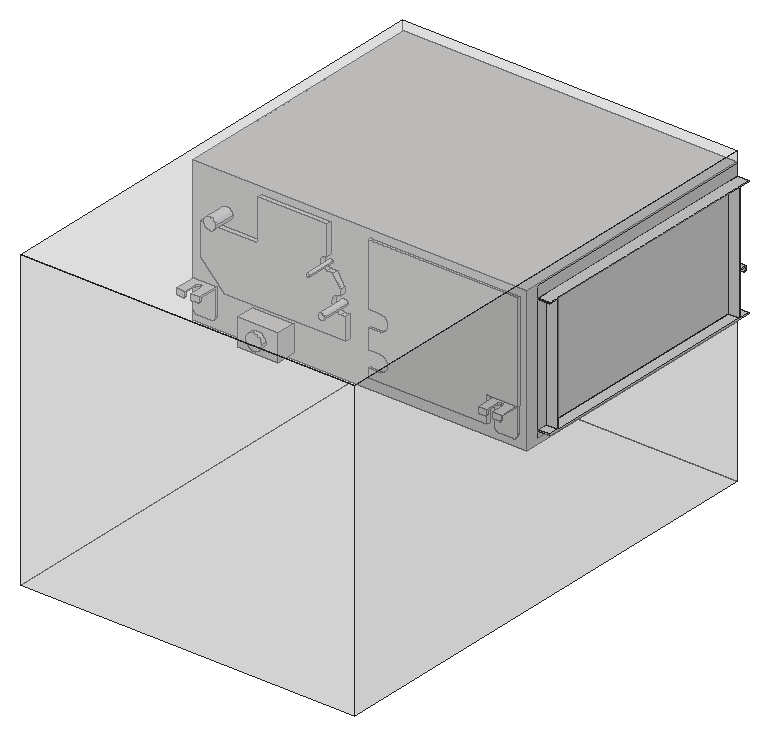
Revit family "outputfile", category 機械設備, Revit 2024
Family settings
  丸型コネクタ寸法 = 半径を使用
  パーツ タイプ = 標準
  OmniClass 番号 = 23.75.10.24.21.27.27
  OmniClass タイトル = Split System Air Conditioning Units
  作業面ベース = いいえ
  常に垂直 = はい
  ロード時にボイドで切り取り = いいえ
  注釈の向きを維持 = いいえ
  共有 = いいえ
  部屋計算ポイント = はい
Parameters (values of type "FXMQ20PAVE")
  Description = ""
  製造元 = "Daikin"
  書き出し IFC クラス(タイプ) = "IfcUnitaryEquipmentType"
  定義済み IFC タイプ(タイプ) = "AIRCONDITIONINGUNIT"
  Cost = 0
  モデル = "FXMQ20PAVE"
  Type Comments = ""
  Keynote = ""
  Type Image = (empty or 0)
  Assembly Code = ""
  r_Liquid Pipe Size = Liquid Pipe Size / 2  # 3.2 mm
  r_Gas Pipe Size = Gas Pipe Size / 2  # 6.35 mm
  r_Drain Pipe Size = Drain Pipe Size / 2  # 12.5 mm
  lw_power = 396.0 mm  # constant formula
  lh_SA = 165.0 mm  # constant formula
  lw_SA = if(Depth = 550.0 mm, 210.0 mm, if(Depth = 700.0 mm, 285.0 mm, if(Depth = 1000.0 mm, 435.0 mm, 635.0 mm)))  # 210.0 mm
  lw_RA = if(Depth = 550.0 mm, 288.0 mm, if(Depth = 700.0 mm, 363.0 mm, if(Depth = 1000.0 mm, 513.0 mm, 713.0 mm)))  # 288.0 mm
  lh_power = 60.0 mm + [h***]  # 60.0 mm
  lh_mountinghole1 = lh_mountinghole + [h***]  # 80.0 mm
  lh_RA = 150.0 mm  # constant formula
  ld_power = Depth / 2  # 275.0 mm
  Voltage_comment_60Hz = "220"
  Voltage_comment_50Hz = "220-240"
  Voltage_60Hz = 220 V
  Voltage_50Hz = 220 V
  URL = ""
  Supply Air Direction [instance] = yes
  Sound Power Level_H speed (dB) = 51
  Phase_60Hz = 1
  Phase_50Hz = 1
  Minimum External Static Pressure = 30.00 Pa
  Minimum Circuit Amps_60Hz = 0.6 A
  Minimum Circuit Amps_50Hz = 0.6 A
  Maximum Fuse Amps_60Hz = 16.0 A
  Maximum Fuse Amps_50Hz = 16.0 A
  Maximum External Static Pressure = 100.00 Pa
  Material_Casing = DAIKIN_GalvanizedSteel_Casing_indoorunit
  lw_mountinghole = 631.0 mm  # constant formula
  lh_gaspipe = 144.0 mm + [h***]  # 144.0 mm
  lh_mountinghole = 80.0 mm  # constant formula
  lh_liquidpipe = 212.0 mm + [h***]  # 212.0 mm
  lh_drainpipe = 232.0 mm + [h***]  # 232.0 mm
  lh_antena = Height - lh_mountinghole + 1.0 mm  # 221.0 mm
  ld_drainpipe = Depth / 2 + 54.0 mm  # 329.0 mm
  ld_liquidpipe = 335.0 mm
  ld_gaspipe = 335.0 mm
  ld_mountinghole = Depth + 38.0 mm  # 588.0 mm
  h*** = 0.0 mm  # constant formula
  lw_liquidpipe = 290.0 mm  # constant formula
  lw_gaspipe = 318.0 mm  # constant formula
  lw_drainpipe = 80.0 mm  # constant formula
  Width = 700.0 mm
  Version = "ver.1.0"
  Unit Type = "Middle-High Static Pressure Duct Type"
  Unit Mass Weight = 25.00 kg
  Unit Designation [instance] = ""
  Uniclass2015Version = "Products v1.30"
  Uniclass2015Title = "Variable refrigerant flow units"
  Uniclass2015Code = "Pr_70_65_03_94"
  Total Heating Capacity [instance] = 0.000 kW
  Total Cooling Capacity [instance] = 0.000 kW
  Sound Pressure Level_M speed (dBA) = 0
  Sound Pressure Level_L speed (dBA) = 29
  Sound Pressure Level_H speed (dBA) = 33
  Series = "VRV Fan Coil Unit"
  Sensible Cooling Capacity [instance] = 0.000 kW
  SA Duct Size Width = if(Depth = 550.0 mm, 310.0 mm, if(Depth = 700.0 mm, 460.0 mm, if(Depth = 1000.0 mm, 760.0 mm, 1160.0 mm)))  # 310.0 mm
  SA Duct Size Height = 215.0 mm
  Refrigerant Type = "R410A"
  RA Duct Size Width = if(Depth = 550.0 mm, 475.0 mm, if(Depth = 700.0 mm, 625.0 mm, if(Depth = 1000.0 mm, 925.0 mm, 1325.0 mm)))  # 475.0 mm
  RA Duct Size Height = 247.0 mm
  Power Input (Heating) = 0.069 kW
  Power Input (Cooling) = 0.081 kW
  Option Accessory 3 [instance] = ""
  Option Accessory 2 [instance] = ""
  Option Accessory 1 [instance] = ""
  Nominal Heating Capacity = 2.500 kW
  Nominal Cooling Capacity = 2.200 kW
  Minimum Airflow = 390.00 m³/h
  Median Airflow = 450.00 m³/h
  Maximum Airflow = 540.00 m³/h
  Load Classification = HVAC
  Liquid Pipe Size = 6.4 mm
  Link_Nested Family [instance] = ""
  IfcVersion = "0"
  IfcExportType = "AIRCONDITIONINGUNIT"
  IfcExportAs = "IfcUnitaryEquipmentType"
  Height = 300.0 mm
  Heating Entering Wet Bulb Temperature [instance] = 0.00 °C
  Heating Entering Dry Bulb Temperature [instance] = 0.00 °C
  Heating Ambient Wet Bulb Temperature [instance] = 0.00 °C
  Heating Ambient Dry Bulb Temperature [instance] = 0.00 °C
  Heat Exchanger Type = "Cross Fin Coil"
  Gas Pipe Size = 12.7 mm
  Frequency_60Hz = 60 Hz
  Frequency_50Hz = 50 Hz
  Fan Type = "Sirocco Fan"
  Fan Drive = "Direct Drive"
  FCU Tag No. [instance] = ""
  Drain Pipe Size = 25.0 mm
  Design Supply Airflow [instance] = 0.00 m³/h
  Design Return Airflow [instance] = 0.00 m³/h
  Design External Static Pressure [instance] = 0.00 Pa
  Depth = 550.0 mm
  既定の高さ = 0.0 mm
  Cooling Entering Wet Bulb Temperature [instance] = 0.00 °C
  Cooling Entering Dry Bulb Temperature [instance] = 0.00 °C
  Cooling Ambient Wet Bulb Temperature [instance] = 0.00 °C
  Cooling Ambient Dry Bulb Temperature [instance] = 0.00 °C
  Clearance visibility [instance] = yes
  Clearance Top = 20.0 mm
  Clearance Right = 0.0 mm
  Clearance Rear = 0.0 mm
  Clearance Left = 0.0 mm
  Clearance Front = 450.0 mm
  Clearance Bottom = 300.0 mm
Reference planes
  plane 1 "Center (Front/Back)": y = 0
  plane 2 "h": z = 0
  plane 3 "Center (Left/Right)": x = 0
  plane 4 "Back": y = 275
  plane 5 "Front": y = -275
  plane 6 "Left": x = -350
  plane 7 "Reight": x = 350
  plane 8 "Top": z = 0
  plane 9 "Bottom": z = -300
  plane 10: y = -215
  plane 11: y = 275
  plane 12: y = -725
  plane 13: x = -350
  plane 14: x = 350
  plane 15: z = 20
  plane 16: z = -600
  plane 17: x = -350
  plane 18: z = -135
  plane 19: x = -349
  plane 20: x = 349
  plane 21: y = 65
  plane 22: y = 13
  plane 23: z = -150
  plane 24: y = -285.8
  plane 25: z = -14
  plane 26: z = -219
  plane 27: x = -324
  plane 28: x = -60
  plane 29: x = -20
  plane 30: z = -156
  plane 31: x = -32
  plane 32: z = -88
  plane 33: x = 23
  plane 34: x = 335
  plane 35: z = -15.8
  plane 36: z = -274.8
  plane 37: z = -219.8
  plane 38: x = 271
  plane 39: x = -223.3
  plane 40: x = -138.3
  plane 41: z = -232.7
  plane 42: z = -288.5
  plane 43: y = -316
  plane 44: x = -181
  plane 45: z = -260
  plane 46: y = -326
  plane 47: z = -163.8
  plane 48: z = -239.8
  plane 49: x = 46
  plane 50: z = -88
  plane 51: x = -60
  plane 52: y = -335
  plane 53: z = -156
  plane 54: x = -32
  plane 55: y = -329
  plane 56: z = -68
  plane 57: x = -270
  plane 58: x = -270
  plane 59: x = -60
  plane 60: x = -32
  plane 61: x = 46
  plane 62: x = -323
  plane 63: x = 308
  plane 64: y = -294
  plane 65: y = 294
  plane 66: z = -220
  plane 67: y = -281
  plane 68: x = -204
  plane 69: z = -100.2
  plane 70: x = -374
  plane 71: x = 374
Forms (mm)
  Extrusion 1, solid, material "DAIKIN_GalvanizedSteel_Casing_indoorunit" <- "Material_Casing"
    sketch origin (0, 0, 0) x (1, 0, 0) y (0, 1, 0)
      loop
        line (-349, 275) -> (-349, -275) -> (349, -275) -> (349, 275) -> (-349, 275)
    from -300 to 0
  Extrusion 2, solid, material "DAIKIN_GalvanizedSteel_Casing_indoorunit" <- "Material_Casing"
    sketch origin (0, 0, 0) x (1, 0, 0) y (0, 0, 1)
      loop
        line (-324, -100.2) -> (-324, -168) -> (-273, -219) -> (-20, -219) -> (-20, -173.5) -> (-32, -173.5)
        arc (-32, -173.5) -> (-49.5, -156) -> (-32, -138.5) r 17.5
        line (-32, -138.5) -> (-32, -127.5) -> (-47, -101) -> (-60, -101)
        arc (-60, -101) -> (-73, -88) -> (-60, -75) r 13
        line (-60, -75) -> (-60, -14) -> (-204, -14) -> (-204, -100.2) -> (-324, -100.2)
    from 275 to 285.8
  Extrusion 3, solid, material "DAIKIN_GalvanizedSteel_Casing_indoorunit" <- "Material_Casing"
    sketch origin (0, 0, 0) x (1, 0, 0) y (0, 0, 1)
      loop
        line (23, -274.8) -> (271, -274.8) -> (271, -219.8) -> (335, -219.8) -> (335, -15.8) -> (23, -15.8) -> (23, -146.3) -> (46, -146.3)
        arc (46, -146.3) -> (63.5, -163.8) -> (46, -181.3) r 17.5
        line (46, -181.3) -> (23, -181.3) -> (23, -222.3) -> (46, -222.3)
        arc (46, -222.3) -> (63.5, -239.8) -> (46, -257.3) r 17.5
        line (46, -257.3) -> (23, -257.3) -> (23, -274.8)
    from 275 to 281
  Extrusion 4, solid, material "DAIKIN_GalvanizedSteel_Casing_indoorunit" <- "Material_Casing"
    sketch origin (0, 0, 0) x (1, 0, 0) y (0, 0, 1)
      loop
        line (-223.3, -232.7) -> (-223.3, -288.5) -> (-138.3, -288.5) -> (-138.3, -232.7) -> (-223.3, -232.7)
    from 275 to 316
  Extrusion 5, solid, material "DAIKIN_GalvanizedSteel_Casing_indoorunit" <- "Material_Casing"
    sketch origin (0, 0, 0) x (1, 0, 0) y (0, 0, 1)
      loop
        circle (-181, -260) r 16.5
    from 316 to 326
  Extrusion 6, solid
    sketch origin (0, 0, 0) x (1, 0, 0) y (0, 0, 1)
      loop
        circle (-60, -88) r 3.2
    from 275 to 335
  Extrusion 7, solid
    sketch origin (0, 0, 0) x (1, 0, 0) y (0, 0, 1)
      loop
        circle (-32, -156) r 6.35
    from 275 to 335
  Extrusion 8, solid
    sketch origin (0, 0, 0) x (1, 0, 0) y (0, 0, 1)
      loop
        circle (-270, -68) r 12.5
    from 285.8 to 329
Dimensions and locks
  "Height": plane 8 "Top" to plane 9 "Bottom"
  equal spacing: plane 4 "Back", plane 1 "Center (Front/Back)", plane 5 "Front"
  "Depth": plane 4 "Back" to plane 5 "Front"
  equal spacing: plane 6 "Left", plane 3 "Center (Left/Right)", plane 7 "Reight"
  "Width": plane 6 "Left" to plane 7 "Reight"
  "Clearance Left": plane 13 to plane 6 "Left"
  "Clearance Right": plane 7 "Reight" to plane 14
  "Clearance Rear": plane 11 to plane 4 "Back"
  "Clearance Front": plane 5 "Front" to plane 12
  "Clearance Top": plane 15 to plane 8 "Top"
  "Clearance Bottom": plane 9 "Bottom" to plane 16
  "lh_SA": plane 18 to plane 9 "Bottom"
  locked: plane 17 to plane 19 at 1
  locked: plane 20 to plane 14 at 1
  "lw_SA": plane 11 to plane 21
  "lw_RA": plane 22 to plane 5 "Front"
  "lh_RA": plane 23 to plane 9 "Bottom"
  locked: plane 5 "Front" to plane 24 at 10.8
  plane 29 to plane 28 to plane 27 to plane 6 "Left" = 40.0 mm, 264.0 mm, 26.0 mm
  locked: plane 31 to plane 6 "Left" at 318
  plane 34 to plane 33 to plane 6 "Left" = 312.0 mm locked, 373.0 mm locked
  locked: plane 34 to plane 38 at 64
  locked: plane 37 to plane 36 at 55
  plane 40 to plane 39 to plane 6 "Left" = 85.0 mm locked, 126.7 mm locked
  locked: plane 5 "Front" to plane 43 at 41
  locked: plane 44 to plane 6 "Left" at 169
  locked: plane 43 to plane 46 at 10
  plane 47 to plane 48 to plane 36 = 76.0 mm locked, 35.0 mm locked
  locked: plane 49 to plane 33 at 23
  "lw_liquidpipe": plane 51 to plane 6 "Left"
  "lh_liquidpipe": plane 50 to plane 9 "Bottom"
  "lh_gaspipe": plane 53 to plane 9 "Bottom"
  "lw_gaspipe": plane 54 to plane 6 "Left"
  "ld_gaspipe": plane 52 to plane 1 "Center (Front/Back)"
  "ld_drainpipe": plane 55 to plane 1 "Center (Front/Back)"
  "lh_drainpipe": plane 56 to plane 9 "Bottom"
  "lw_drainpipe": plane 57 to plane 6 "Left"
  "lw_drainpipe": plane 6 "Left" to plane 58
  "lw_liquidpipe": plane 6 "Left" to plane 59
  "lw_gaspipe": plane 6 "Left" to plane 60
  "lw_power": plane 6 "Left" to plane 61
  plane 17 to plane 62 = 27.0 mm
  "lw_mountinghole": plane 62 to plane 63
  equal spacing: plane 64, plane 1 "Center (Front/Back)", plane 65
  "ld_mountinghole": plane 65 to plane 64
  "lh_mountinghole": plane 66 to plane 9 "Bottom"
  plane 8 "Top" to plane 41 to plane 42 = 232.7 mm locked, 55.8 mm locked
  locked: plane 8 "Top" to plane 45 at 260
  plane 8 "Top" to plane 25 to plane 26 = 14.0 mm locked, 205.0 mm locked
  plane 8 "Top" to plane 32 to plane 30 = 88.0 mm locked, 68.0 mm locked
  plane 8 "Top" to plane 35 to plane 36 = 15.8 mm locked, 259.0 mm locked
  locked: plane 5 "Front" to plane 67 at 6
  locked: plane 25 to plane 69 at 86.2
  locked: plane 27 to plane 68 at 120
  locked: plane 70 to plane 6 "Left" at 24
  locked: plane 14 to plane 71 at 24
  "r_Liquid Pipe Size": radius of Extrusion 6 sketch curve
  "r_Gas Pipe Size": radius of Extrusion 7 sketch curve
  "r_Drain Pipe Size": radius of Extrusion 8 sketch curve
  aligned and locked: level to plane 2 "h"
  aligned and locked: plane 8 "Top" to Extrusion 1
  aligned and locked: Extrusion 1 to plane 9 "Bottom"
  aligned and locked: nested 5 to plane 12
  aligned and locked: plane 13 to nested 5
  aligned and locked: plane 14 to nested 5
  aligned and locked: nested 5 to plane 13
  aligned and locked: plane 11 to nested 5
  aligned and locked: plane 15 to nested 5
  aligned and locked: plane 16 to nested 5
  aligned and locked: plane 5 "Front" to Extrusion 1 sketch curve
  aligned and locked: Extrusion 1 to plane 19
  aligned and locked: plane 20 to Extrusion 1
  aligned and locked: nested 7 to plane 19
  aligned and locked: nested 7 to plane 21
  aligned and locked: plane 18 to nested 7
  aligned and locked: plane 20 to nested 8
  aligned and locked: plane 22 to nested 8
  aligned and locked: plane 23 to nested 8
  aligned and locked: Extrusion 2 to plane 24
  aligned and locked: plane 5 "Front" to Extrusion 2
  aligned and locked: plane 36 to Extrusion 3 sketch curve
  aligned and locked: plane 38 to Extrusion 3 sketch curve
  aligned and locked: plane 37 to Extrusion 3 sketch curve
  aligned and locked: Extrusion 3 sketch curve to plane 34
  aligned and locked: Extrusion 3 sketch curve to plane 35
  aligned and locked: Extrusion 3 sketch curve to plane 33
  aligned and locked: plane 5 "Front" to Extrusion 3
  aligned and locked: Extrusion 4 sketch curve to plane 41
  aligned and locked: Extrusion 4 sketch curve to plane 39
  aligned and locked: plane 42 to Extrusion 4 sketch curve
  aligned and locked: plane 40 to Extrusion 4 sketch curve
  aligned and locked: Extrusion 4 to plane 43
  aligned and locked: plane 5 "Front" to Extrusion 4
  aligned and locked: Extrusion 5 sketch curve to plane 44
  aligned and locked: plane 45 to Extrusion 5 sketch curve
  aligned and locked: Extrusion 5 to plane 46
  aligned and locked: plane 43 to Extrusion 5
  aligned and locked: Extrusion 6 sketch curve to plane 51
  aligned and locked: plane 50 to Extrusion 6 sketch curve
  aligned and locked: Extrusion 6 to plane 52
  aligned and locked: plane 5 "Front" to Extrusion 6
  aligned and locked: Extrusion 7 sketch curve to plane 54
  aligned and locked: plane 53 to Extrusion 7 sketch curve
  aligned and locked: Extrusion 7 to Extrusion 6
  aligned and locked: plane 5 "Front" to Extrusion 7
  aligned and locked: Extrusion 8 sketch curve to plane 57
  aligned and locked: plane 56 to Extrusion 8 sketch curve
  aligned and locked: Extrusion 8 to plane 55
  aligned and locked: plane 24 to Extrusion 8
  aligned and locked: nested 3 to plane 55
  aligned and locked: plane 58 to nested 3
  aligned and locked: nested 2 to plane 59
  aligned and locked: nested 2 to plane 52
  aligned and locked: nested 1 to plane 60
  aligned and locked: Extrusion 7 to plane 52
  aligned and locked: nested 1 to plane 52
  aligned and locked: nested 6 to plane 5 "Front"
  aligned and locked: plane 61 to nested 6
  aligned and locked: plane 62 to nested 10
  aligned and locked: nested 10 to plane 5 "Front"
  aligned and locked: plane 63 to nested 9
  aligned and locked: nested 9 to plane 5 "Front"
  aligned and locked: nested 11 to plane 62
  aligned and locked: plane 4 "Back" to nested 11
  aligned and locked: nested 12 to plane 63
  aligned and locked: plane 4 "Back" to nested 12
  aligned and locked: plane 66 to nested 10
  aligned and locked: plane 66 to nested 11
  aligned and locked: plane 66 to nested 9
  aligned and locked: plane 66 to nested 12
  aligned and locked: plane 62 to nested 14
  aligned and locked: nested 14 to plane 65
  aligned and locked: plane 63 to nested 13
  aligned and locked: nested 13 to plane 65
  aligned and locked: plane 63 to nested 16
  aligned and locked: plane 64 to nested 16
  aligned and locked: plane 64 to nested 15
  aligned and locked: plane 62 to nested 15
  aligned and locked: Extrusion 3 to plane 67
  aligned and locked: Extrusion 2 sketch curve to plane 68
  aligned and locked: plane 69 to Extrusion 2 sketch curve
  aligned and locked: nested 17 to plane 21
  aligned and locked: nested 17 to plane 70
  aligned and locked: plane 18 to nested 17
  aligned and locked: plane 22 to nested 18
  aligned and locked: plane 71 to nested 18
  aligned and locked: nested 18 to plane 23
  aligned and locked: nested 4 to plane 3 "Center (Left/Right)"
  aligned and locked: plane 1 "Center (Front/Back)" to nested 4
  aligned and locked: level to plane 8 "Top"
Automatic sketch dimensions
  plane 6 "Left" to Extrusion 1 sketch curve = 1.0 mm
  Extrusion 1 sketch curve to plane 7 "Reight" = 1.0 mm
  Extrusion 1 sketch curve to plane 4 "Back" = 0.0 mm
  Extrusion 3 sketch curve to plane 33 = 0.0 mm  (x2)
  Extrusion 3 sketch curve to plane 47 = 0.0 mm
  Extrusion 3 sketch curve to plane 49 = 0.0 mm  (x4)
  Extrusion 3 sketch curve to plane 48 = 0.0 mm
  Extrusion 3 sketch curve to plane 37 = 2.5 mm
  plane 23 to Extrusion 3 sketch curve = 3.7 mm
  plane 27 to Extrusion 2 sketch curve = 0.0 mm
  Extrusion 2 sketch curve to plane 26 = 0.0 mm
  Extrusion 2 sketch curve to plane 28 = 0.0 mm
  Extrusion 2 sketch curve to plane 31 = 0.0 mm
  Extrusion 2 sketch curve to plane 29 = 0.0 mm
  Extrusion 2 sketch curve to plane 30 = 0.0 mm
  Extrusion 2 sketch curve to plane 32 = 0.0 mm
  Extrusion 2 sketch curve to plane 25 = 0.0 mm
  Extrusion 2 sketch curve to Extrusion 2 sketch curve = 13.0 mm
  Extrusion 2 sketch curve to Extrusion 2 sketch curve = 17.5 mm
  plane 18 to Extrusion 2 sketch curve = 7.5 mm
  Extrusion 2 sketch curve to plane 58 = 3.0 mm
  Extrusion 2 sketch curve to plane 30 = 12.0 mm
  Extrusion 2 sketch curve to Extrusion 2 sketch curve = 0.8 mm
  radius of Extrusion 5 sketch curve = 16.5 mm
Nested families
  nested 1: "daikin_connector_rotate2" at (-32, 0, -156), length <- "ld_gaspipe", built-in parameter 1001364 <- "lh_gaspipe", radius <- "r_Gas Pipe Size", type "daikin_connector_rotate2"
    with radius 6.35 mm, length 335.0 mm, angle_vertical 90.00°
  nested 2: "daikin_connector_rotate2" at (-60, 0, -88), length <- "ld_liquidpipe", built-in parameter 1001364 <- "lh_liquidpipe", radius <- "r_Liquid Pipe Size", type "daikin_connector_rotate2"
    with radius 3.2 mm, length 335.0 mm, angle_vertical 90.00°
  nested 3: "daikin_connector_rotate2" at (-270, 0, -68), length <- "ld_drainpipe", built-in parameter 1001364 <- "lh_drainpipe", radius <- "r_Drain Pipe Size", type "daikin_connector_rotate2"
    with radius 12.5 mm, length 329.0 mm, angle_vertical 90.00°
  nested 4: "daikin_△_symbolicline" at (0, 0, 300) x (0, -1, 0) z (0, 0, 1), built-in parameter 1001364 <- "Height", visible <- "Supply Air Direction", type "daikin_△_symbolicline"
    with length 200.0 mm
  nested 5: "daikin_clearancespace" at (0, -225, -289.881), visible <- "Clearance visibility", show <- "Clearance visibility", Link_Nested Family <- "Link_Nested Family", type "daikin_clearancespace"
    with width 700.0 mm, show yes, height 620.0 mm, depth 1000.0 mm, Link_Nested Family ""
  nested 6: "daikin_connector_rotate2" at (46, 0, -240), built-in parameter 1001364 <- "lh_power", length <- "ld_power", type "daikin_connector_rotate2"
    with radius 10.0 mm, length 275.0 mm, angle_vertical 90.00°
  nested 7: "daikin_ductflange_FXMQ-PAVE2" at (-349, 65, -135) x (0, -1, 0) z (0, 0, 1), type "daikin_ductflange_FXMQ-PAVE2"
  nested 8: "daikin_ductflange_FXMQ-PAVE" at (349, 13, -150) x (0, 1, 0) z (0, 0, 1), type "daikin_ductflange_FXMQ-PAVE"
  nested 9: "daikin_hangerfixture_FXMQ-PAVE" at (308, -275, -220), type "daikin_hangerfixture_FXMQ-PAVE"
  nested 10: "daikin_hangerfixture_FXMQ-PAVE" at (-323, -275, -220), type "daikin_hangerfixture_FXMQ-PAVE"
  nested 11: "daikin_hangerfixture_FXMQ-PAVE" at (-323, 275, -220) x (-1, 0, 0) z (0, 0, 1), type "daikin_hangerfixture_FXMQ-PAVE"
  nested 12: "daikin_hangerfixture_FXMQ-PAVE" at (308, 275, -220) x (-1, 0, 0) z (0, 0, 1), type "daikin_hangerfixture_FXMQ-PAVE"
  nested 13: "daikin_mountinghole" at (308, 294, -300), h_mountinghole <- "lh_mountinghole1", l_antenna <- "lh_antena", Link_Nested Family <- "Link_Nested Family", type "daikin_mountinghole"
    with show yes, l_antenna 221.0 mm, h_mountinghole 80.0 mm, Link_Nested Family ""
  nested 14: "daikin_mountinghole" at (-323, 294, -300), h_mountinghole <- "lh_mountinghole1", l_antenna <- "lh_antena", Link_Nested Family <- "Link_Nested Family", type "daikin_mountinghole"
    with show yes, l_antenna 221.0 mm, h_mountinghole 80.0 mm, Link_Nested Family ""
  nested 15: "daikin_mountinghole" at (-323, -294, -300), h_mountinghole <- "lh_mountinghole1", l_antenna <- "lh_antena", Link_Nested Family <- "Link_Nested Family", type "daikin_mountinghole"
    with show yes, l_antenna 221.0 mm, h_mountinghole 80.0 mm, Link_Nested Family ""
  nested 16: "daikin_mountinghole" at (308, -294, -300), h_mountinghole <- "lh_mountinghole1", l_antenna <- "lh_antena", Link_Nested Family <- "Link_Nested Family", type "daikin_mountinghole"
    with show yes, l_antenna 221.0 mm, h_mountinghole 80.0 mm, Link_Nested Family ""
  nested 17: "daikin_connector_rotate2" at (-350, 65, -135) x (0, -1, 0) z (0, 0, 1), type "daikin_connector_rotate2"
    with radius 10.0 mm, length 24.0 mm, angle_vertical 90.00°
  nested 18: "daikin_connector_rotate2" at (350, 13, -150) x (0, 1, 0) z (0, 0, 1), type "daikin_connector_rotate2"
    with radius 10.0 mm, length 24.0 mm, angle_vertical 90.00°
Connectors
  piping at (-270, -329, -68), diameter 25, driven by "r_Drain Pipe Size"
    settings: on nested 3, index 3, connector inside diameter 609.6 mm, connector length 0.0 mm, flow factor 0, pipe flow 0.00 m³/h, pressure drop 0.0 Pa, fitting loss kfactor 0, connector angle 0.00°, fixture units 0, engagement length 0.0 mm, angle of deflection 0.00°, flow configuration 1, flow direction 2, fitting loss method 4, system type 16, joint type 0, gender type 0, connector reference index -1, connector utility 0, adjustable connector no, is connector primary yes, connector description "Condensate Drain Piping"
  piping at (-32, -335, -156), diameter 12.7, driven by "r_Gas Pipe Size"
    settings: on nested 1, index 4, connector inside diameter 609.6 mm, connector length 0.0 mm, flow factor 0, pipe flow 0.00 m³/h, pressure drop 0.0 Pa, fitting loss kfactor 0, connector angle 0.00°, fixture units 0, engagement length 0.0 mm, angle of deflection 0.00°, flow configuration 1, flow direction 2, fitting loss method 0, system type 29, joint type 0, gender type 0, connector reference index -1, connector utility 0, adjustable connector no, is connector primary no, connector description "Refrigerant Gas Piping"
  piping at (-60, -335, -88), diameter 6.4, driven by "r_Liquid Pipe Size"
    settings: on nested 2, index 5, connector inside diameter 609.6 mm, connector length 0.0 mm, flow factor 0, pipe flow 0.00 m³/h, pressure drop 0.0 Pa, fitting loss kfactor 0, connector angle 0.00°, fixture units 0, engagement length 0.0 mm, angle of deflection 0.00°, flow configuration 1, flow direction 1, fitting loss method 0, system type 29, joint type 0, gender type 0, connector reference index -1, connector utility 0, adjustable connector no, is connector primary no, connector description "Refrigerant Liquid Piping"
  electrical at (46, -275, -240), driven by "Load Classification"
    settings: on nested 6, index 6, voltage 0 V, apparent load 0 VA, apparent load phase1 0 VA, apparent load phase2 0 VA, apparent load phase3 0 VA, power factor 1, load classification "HVAC", number of poles 1, system type 30, power factor state 1, is connector primary yes, connector utility no, sub classification motor no, connector description "Power Supply"
  hvac at (-374, 65, -135), driven by "SA Duct Size Height", driven by "SA Duct Size Width"
    settings: on nested 17, index 7, duct flow 0.00 m³/h, flow factor 0, pres drop 0.00 Pa, loss coef 0, conn angle 0.00°, conn width 310.0 mm, conn height 215.0 mm, conn diameter 609.6 mm, duct sys type 1, conn prof type 1, flow config 0, flow direction 2, loss method 4, conn ref index -1, conn util no, is conn primary yes, conn desc "SA Duct"
  hvac at (374, 13, -150), driven by "RA Duct Size Height", driven by "RA Duct Size Width"
    settings: on nested 18, index 8, duct flow 0.00 m³/h, flow factor 0, pres drop 0.00 Pa, loss coef 0, conn angle 0.00°, conn width 475.0 mm, conn height 247.0 mm, conn diameter 609.6 mm, duct sys type 2, conn prof type 1, flow config 0, flow direction 1, loss method 4, conn ref index -1, conn util no, is conn primary no, conn desc "RA Duct"
Definition of nested family "daikin_clearancespace"
  Parameters (values of type "daikin_clearancespace")
    width [instance] = 1823.963 mm
    show [instance] = yes
    material = none
    height [instance] = 1359.762 mm
    depth [instance] = 880.0 mm
    Default Elevation = 0.0 mm
    Link_Nested Family [instance] = ""
  Reference planes
    plane 1 "Center (Front/Back)": y = 0
    plane 2 "Center (Elevation)": z = -0.119
    plane 3 "Center (Left/Right)": x = 0
    plane 4: y = 440
    plane 5: y = -440
    plane 6 "Right": x = 911.982
    plane 7 "Left": x = -911.982
    plane 8 "Top": z = 679.762
    plane 9 "Bottom": z = -680
  Forms (mm)
    Extrusion 1, solid, material <- "material", visible <- "show"
      sketch origin (0, 0, 0) x (1, 0, 0) y (0, 1, 0)
        loop
          line (-911.982, 440) -> (-911.982, -440) -> (911.982, -440) -> (911.982, 440) -> (-911.982, 440)
      from -680 to 679.762
  Lines and regions (mm)
    symbolic lines, visible <- "show"
      curve 1: line (911.982, 440, 0) -> (-911.982, 440, 0)
      curve 2: line (-911.982, 440, 0) -> (-911.982, -440, 0)
      curve 3: line (-911.982, -440, 0) -> (911.982, -440, 0)
      curve 4: line (911.982, -440, 0) -> (911.982, 440, 0)
      curve 5: line (911.982, 0, 679.762) -> (-911.982, 0, 679.762)
      curve 6: line (911.982, 0, -680) -> (911.982, 0, 679.762)
      curve 7: line (-911.982, 0, -680) -> (911.982, 0, -680)
      curve 8: line (-911.982, 0, 679.762) -> (-911.982, 0, -680)
      curve 9: line (0, 440, 679.762) -> (0, -440, 679.762)
      curve 10: line (0, -440, 679.762) -> (0, -440, -680)
      curve 11: line (0, 440, -680) -> (0, 440, 679.762)
      curve 12: line (0, -440, -680) -> (0, 440, -680)
  Dimensions and locks
    "width": plane 7 "Left" to plane 6 "Right"
    "depth": plane 4 to plane 5
    "height": plane 8 "Top" to plane 9 "Bottom"
    equal spacing: plane 7 "Left", plane 3 "Center (Left/Right)", plane 6 "Right"
    equal spacing: plane 4, plane 1 "Center (Front/Back)", plane 5
    equal spacing: plane 8 "Top", plane 2 "Center (Elevation)", plane 9 "Bottom"
    aligned and locked: level to plane 2 "Center (Elevation)"
    aligned and locked: Extrusion 1 sketch curve to plane 4
    aligned and locked: plane 7 "Left" to Extrusion 1 sketch curve
    aligned and locked: Extrusion 1 sketch curve to plane 5
    aligned and locked: Extrusion 1 sketch curve to plane 6 "Right"
    aligned and locked: plane 8 "Top" to Extrusion 1
    aligned and locked: curve 1 to Extrusion 1
    aligned and locked: curve 2 to Extrusion 1
    aligned and locked: curve 3 to Extrusion 1
    aligned and locked: curve 4 to Extrusion 1
    aligned and locked: curve 5 to Extrusion 1
    aligned and locked: curve 6 to Extrusion 1
    aligned and locked: curve 7 to Extrusion 1
    aligned and locked: curve 8 to Extrusion 1
    aligned and locked: curve 9 to Extrusion 1
    aligned and locked: curve 10 to Extrusion 1
    aligned and locked: curve 11 to Extrusion 1
    aligned and locked: curve 12 to Extrusion 1
    aligned and locked: Extrusion 1 to plane 9 "Bottom"
Definition of nested family "daikin_ductflange_FXMQ-PAVE2"
  Parameters (values of type "daikin_ductflange_FXDSQ-AVM2")
    width = if(w = 550.0 mm, 310.0 mm, if(w = 700.0 mm, 460.0 mm, if(w = 1000.0 mm, 760.0 mm, 1160.0 mm)))  # 310.0 mm
    material = none
    height = 215.0 mm
    depth = 1.0 mm
    w = 550.0 mm
    Default Elevation = 0.0 mm
  Reference planes
    plane 1 "Center (Front/Back)": y = 0
    plane 2: z = 0
    plane 3 "Center (Left/Right)": x = 0
    plane 4: z = 107.5
    plane 5: z = -107.5
    plane 6: y = -25
    plane 7: z = 132.5
    plane 8: z = 108.5
    plane 9: y = -1
    plane 10: x = -177.5
    plane 11: x = 177.5
    plane 12: z = -132.5
    plane 13: z = -108.5
    plane 14: y = -1
    plane 15: x = 155
    plane 16: x = -155
    plane 17: x = 156
    plane 18: z = 106.5
    plane 19: z = -106.5
    plane 20: x = -156
    plane 21: z = 106.5
    plane 22: z = -106.5
    plane 23: y = -1
  Forms (mm)
    Extrusion 1, solid, material <- "material"
      sketch origin (0, 0, 0) x (0, 1, 0) y (0, 0, 1)
        loop
          line (-25, 107.5) -> (0, 107.5) -> (0, 132.5) -> (-1, 132.5) -> (-1, 108.5) -> (-25, 108.5) -> (-25, 107.5)
      from -177.5 to 177.5
    Extrusion 2, solid, material <- "material"
      sketch origin (0, 0, 0) x (0, 1, 0) y (0, 0, 1)
        loop
          line (-25, -107.5) -> (-25, -108.5) -> (-1, -108.5) -> (-1, -132.5) -> (0, -132.5) -> (0, -107.5) -> (-25, -107.5)
      from -177.5 to 177.5
    Extrusion 3, solid, material <- "material"
      sketch origin (0, 0, 0) x (1, 0, 0) y (0, 0, 1)
        loop
          line (155, 107.5) -> (155, -107.5) -> (177.5, -107.5) -> (177.5, -106.5) -> (156, -106.5) -> (156, 106.5) -> (177.5, 106.5) -> (177.5, 107.5) -> (155, 107.5)
      from 0 to 25
    Extrusion 4, solid, material <- "material"
      sketch origin (0, 0, 0) x (1, 0, 0) y (0, 0, 1)
        loop
          line (-177.5, 107.5) -> (-177.5, 106.5) -> (-156, 106.5) -> (-156, -106.5) -> (-177.5, -106.5) -> (-177.5, -107.5) -> (-155, -107.5) -> (-155, 107.5) -> (-177.5, 107.5)
      from 0 to 25
    Extrusion 5, solid, material <- "material"
      sketch origin (0, 0, 0) x (1, 0, 0) y (0, 0, 1)
        loop
          line (-177.5, 107.5) -> (-177.5, -107.5) -> (-155, -107.5) -> (-155, 107.5) -> (-177.5, 107.5)
        loop
          line (177.5, 107.5) -> (155, 107.5) -> (155, -107.5) -> (177.5, -107.5) -> (177.5, 107.5)
      from 0 to 1
  Cuts and joins
    joined: Extrusion 1, Extrusion 2, Extrusion 3, Extrusion 4, Extrusion 5
  Dimensions and locks
    plane 4 to level to plane 5 = 107.5 mm locked, 107.5 mm locked
    locked: plane 6 to plane 1 "Center (Front/Back)" at 25
    locked: plane 9 to plane 1 "Center (Front/Back)" at 1
    locked: plane 8 to plane 4 at 1
    locked: plane 11 to plane 15 at 22.5
    locked: plane 16 to plane 10 at 22.5
    locked: plane 17 to plane 15 at 1
    locked: plane 4 to plane 18 at 1
    locked: plane 19 to plane 5 at 1
    "width": plane 15 to plane 16
    plane 4 to plane 5 = 215.0 mm
    equal spacing: plane 15, plane 3 "Center (Left/Right)", plane 16
    locked: plane 16 to plane 20 at 1
    locked: plane 4 to plane 21 at 1
    locked: plane 22 to plane 5 at 1
    locked: plane 23 to plane 1 "Center (Front/Back)" at 1
    aligned and locked: level to plane 2
    aligned and locked: Extrusion 1 to plane 10
    aligned and locked: plane 11 to Extrusion 1
    aligned and locked: plane 5 to Extrusion 2
    aligned and locked: Extrusion 2 to plane 1 "Center (Front/Back)"
    aligned and locked: plane 15 to Extrusion 3 sketch curve
    aligned and locked: Extrusion 3 sketch curve to Extrusion 2  (x2)
    aligned and locked: Extrusion 3 sketch curve to plane 11
    aligned and locked: plane 6 to Extrusion 3
    aligned and locked: Extrusion 2 to plane 10
    aligned and locked: plane 11 to Extrusion 2
    aligned and locked: Extrusion 4 sketch curve to Extrusion 1  (x2)
    aligned and locked: plane 5 to Extrusion 4 sketch curve
    aligned and locked: Extrusion 4 sketch curve to plane 16
    aligned and locked: Extrusion 4 sketch curve to plane 22
    aligned and locked: plane 20 to Extrusion 4 sketch curve
    aligned and locked: plane 21 to Extrusion 4 sketch curve
    aligned and locked: Extrusion 4 to plane 1 "Center (Front/Back)"
    aligned and locked: plane 6 to Extrusion 4
    aligned and locked: Extrusion 5 sketch curve to Extrusion 1  (x4)
    aligned and locked: Extrusion 5 sketch curve to Extrusion 4  (x2)
    aligned and locked: Extrusion 5 sketch curve to Extrusion 3  (x2)
    aligned and locked: Extrusion 5 to plane 1 "Center (Front/Back)"
    aligned and locked: plane 23 to Extrusion 5
  Automatic sketch dimensions
    Extrusion 1 sketch curve to plane 6 = 0.0 mm
    Extrusion 1 sketch curve to plane 7 = 0.0 mm
    Extrusion 1 sketch curve to plane 9 = 0.0 mm
    Extrusion 1 sketch curve to plane 1 "Center (Front/Back)" = 0.0 mm
    Extrusion 1 sketch curve to plane 4 = 0.0 mm
    Extrusion 1 sketch curve to plane 8 = 0.0 mm
    Extrusion 2 sketch curve to plane 6 = 0.0 mm
    plane 12 to Extrusion 2 sketch curve = 0.0 mm
    Extrusion 2 sketch curve to plane 14 = 0.0 mm
    Extrusion 2 sketch curve to plane 1 "Center (Front/Back)" = 0.0 mm
    plane 13 to Extrusion 2 sketch curve = 0.0 mm
    Extrusion 2 sketch curve to plane 5 = 0.0 mm
    Extrusion 3 sketch curve to plane 17 = 0.0 mm
    Extrusion 3 sketch curve to plane 19 = 0.0 mm
    Extrusion 3 sketch curve to plane 18 = 0.0 mm
    Extrusion 3 sketch curve to plane 4 = 0.0 mm
    Extrusion 4 sketch curve to plane 10 = 0.0 mm
Definition of nested family "daikin_ductflange_FXMQ-PAVE"
  Parameters (values of type "daikin_ductflange_FXDSQ-AVM")
    width = if(w = 550.0 mm, 475.0 mm, if(w = 700.0 mm, 625.0 mm, if(w = 1000.0 mm, 925.0 mm, 1325.0 mm)))  # 475.0 mm
    material = none
    height = 247.0 mm
    depth = 1.0 mm
    w = 550.0 mm
    Default Elevation = 0.0 mm
  Reference planes
    plane 1 "Center (Front/Back)": y = 0
    plane 2: z = 0
    plane 3 "Center (Left/Right)": x = 0
    plane 4: z = 123.5
    plane 5: z = -123.5
    plane 6: y = -25
    plane 7: z = 146.5
    plane 8: z = 124.5
    plane 9: y = -1
    plane 10: x = -260
    plane 11: x = 260
    plane 12: z = -137
    plane 13: z = -124.5
    plane 14: y = -1
    plane 15: x = 237.5
    plane 16: x = -237.5
    plane 17: x = 238.5
    plane 18: z = 122.5
    plane 19: z = -122.5
    plane 20: x = -238.5
    plane 21: z = 122.5
    plane 22: z = -122.5
    plane 23: y = -1
  Forms (mm)
    Extrusion 1, solid, material <- "material"
      sketch origin (0, 0, 0) x (0, 1, 0) y (0, 0, 1)
        loop
          line (-25, 123.5) -> (0, 123.5) -> (0, 146.5) -> (-1, 146.5) -> (-1, 124.5) -> (-25, 124.5) -> (-25, 123.5)
      from -260 to 260
    Extrusion 2, solid, material <- "material"
      sketch origin (0, 0, 0) x (0, 1, 0) y (0, 0, 1)
        loop
          line (-25, -123.5) -> (-25, -124.5) -> (-1, -124.5) -> (-1, -137) -> (0, -137) -> (0, -123.5) -> (-25, -123.5)
      from -260 to 260
    Extrusion 3, solid, material <- "material"
      sketch origin (0, 0, 0) x (1, 0, 0) y (0, 0, 1)
        loop
          line (237.5, 123.5) -> (237.5, -123.5) -> (260, -123.5) -> (260, -122.5) -> (238.5, -122.5) -> (238.5, 122.5) -> (260, 122.5) -> (260, 123.5) -> (237.5, 123.5)
      from 0 to 25
    Extrusion 4, solid, material <- "material"
      sketch origin (0, 0, 0) x (1, 0, 0) y (0, 0, 1)
        loop
          line (-260, 123.5) -> (-260, 122.5) -> (-238.5, 122.5) -> (-238.5, -122.5) -> (-260, -122.5) -> (-260, -123.5) -> (-237.5, -123.5) -> (-237.5, 123.5) -> (-260, 123.5)
      from 0 to 25
    Extrusion 5, solid, material <- "material"
      sketch origin (0, 0, 0) x (1, 0, 0) y (0, 0, 1)
        loop
          line (-260, 123.5) -> (-260, -123.5) -> (-237.5, -123.5) -> (-237.5, 123.5) -> (-260, 123.5)
        loop
          line (260, 123.5) -> (237.5, 123.5) -> (237.5, -123.5) -> (260, -123.5) -> (260, 123.5)
      from 0 to 1
  Cuts and joins
    joined: Extrusion 1, Extrusion 2, Extrusion 3, Extrusion 4, Extrusion 5
  Dimensions and locks
    plane 4 to level to plane 5 = 123.5 mm, 123.5 mm
    locked: plane 6 to plane 1 "Center (Front/Back)" at 25
    locked: plane 9 to plane 1 "Center (Front/Back)" at 1
    locked: plane 8 to plane 4 at 1
    locked: plane 11 to plane 15 at 22.5
    locked: plane 16 to plane 10 at 22.5
    locked: plane 17 to plane 15 at 1
    locked: plane 4 to plane 18 at 1
    locked: plane 19 to plane 5 at 1
    "width": plane 15 to plane 16
    equal spacing: plane 15, plane 3 "Center (Left/Right)", plane 16
    locked: plane 16 to plane 20 at 1
    locked: plane 4 to plane 21 at 1
    locked: plane 22 to plane 5 at 1
    locked: plane 23 to plane 1 "Center (Front/Back)" at 1
    equal spacing: plane 4, level, plane 5
    locked: plane 7 to plane 4 at 23
    locked: plane 5 to plane 12 at 13.5
    locked: plane 1 "Center (Front/Back)" to plane 14 at 1
    locked: plane 5 to plane 13 at 1
    locked: plane 4 to plane 5 at 247
    aligned and locked: level to plane 2
    aligned and locked: Extrusion 1 to plane 10
    aligned and locked: plane 11 to Extrusion 1
    aligned and locked: plane 5 to Extrusion 2
    aligned and locked: Extrusion 2 to plane 1 "Center (Front/Back)"
    aligned and locked: plane 15 to Extrusion 3 sketch curve
    aligned and locked: Extrusion 3 sketch curve to Extrusion 2  (x2)
    aligned and locked: Extrusion 3 sketch curve to plane 11
    aligned and locked: plane 6 to Extrusion 3
    aligned and locked: Extrusion 2 to plane 10
    aligned and locked: plane 11 to Extrusion 2
    aligned and locked: Extrusion 4 sketch curve to Extrusion 1  (x2)
    aligned and locked: plane 5 to Extrusion 4 sketch curve
    aligned and locked: Extrusion 4 sketch curve to plane 16
    aligned and locked: Extrusion 4 sketch curve to plane 22
    aligned and locked: plane 20 to Extrusion 4 sketch curve
    aligned and locked: plane 21 to Extrusion 4 sketch curve
    aligned and locked: Extrusion 4 to plane 1 "Center (Front/Back)"
    aligned and locked: plane 6 to Extrusion 4
    aligned and locked: Extrusion 5 sketch curve to Extrusion 1  (x4)
    aligned and locked: Extrusion 5 sketch curve to Extrusion 4  (x2)
    aligned and locked: Extrusion 5 sketch curve to Extrusion 3  (x2)
    aligned and locked: Extrusion 5 to plane 1 "Center (Front/Back)"
    aligned and locked: plane 23 to Extrusion 5
  Automatic sketch dimensions
    Extrusion 1 sketch curve to plane 6 = 0.0 mm
    Extrusion 1 sketch curve to plane 7 = 0.0 mm
    Extrusion 1 sketch curve to plane 9 = 0.0 mm
    Extrusion 1 sketch curve to plane 1 "Center (Front/Back)" = 0.0 mm
    Extrusion 1 sketch curve to plane 4 = 0.0 mm
    Extrusion 1 sketch curve to plane 8 = 0.0 mm
    Extrusion 2 sketch curve to plane 6 = 0.0 mm
    plane 12 to Extrusion 2 sketch curve = 0.0 mm
    Extrusion 2 sketch curve to plane 14 = 0.0 mm
    Extrusion 2 sketch curve to plane 1 "Center (Front/Back)" = 0.0 mm
    plane 13 to Extrusion 2 sketch curve = 0.0 mm
    Extrusion 2 sketch curve to plane 5 = 0.0 mm
    Extrusion 3 sketch curve to plane 17 = 0.0 mm
    Extrusion 3 sketch curve to plane 19 = 0.0 mm
    Extrusion 3 sketch curve to plane 18 = 0.0 mm
    Extrusion 3 sketch curve to plane 4 = 0.0 mm
    Extrusion 4 sketch curve to plane 10 = 0.0 mm
Definition of nested family "daikin_hangerfixture_FXMQ-PAVE"
  Parameters (values of type "daikin_hangerfixture_FXMQ-PAVE")
    width = 48.0 mm
    material = none
    height = 65.0 mm
    depth = 45.0 mm
    Default Elevation = 0.0 mm
  Reference planes
    plane 1 "Center (Front/Back)": y = 0
    plane 2: z = 0
    plane 3 "Center (Left/Right)": x = 0
    plane 4: y = 417.146
    plane 5: y = -45
    plane 6: x = -24
    plane 7: x = 24
    plane 8: z = -2.3
    plane 9: z = -65
    plane 10: y = -2.3
    plane 11: z = -12
    plane 12: y = -42.7
  Forms (mm)
    Extrusion 1, solid, material <- "material"
      sketch origin (0, 0, 0) x (1, 0, 0) y (0, 1, 0)
        loop
          line (24, 0) -> (-24, 0) -> (-24, -45) -> (-6, -45) -> (-6, -19)
          arc (-6, -19) -> (0, -13) -> (6, -19) r 6
          line (6, -19) -> (6, -45) -> (24, -45) -> (24, 0)
      from 0 to -2.3
    Extrusion 2, solid, material <- "material"
      sketch origin (0, 0, 0) x (1, 0, 0) y (0, 0, 1)
        loop
          line (24, -55) -> (24, 0) -> (-24, 0) -> (-24, -55)
          arc (-24, -55) -> (-21.071, -62.071) -> (-14, -65) r 10
          line (-14, -65) -> (14, -65)
          arc (14, -65) -> (21.071, -62.071) -> (24, -55) r 10
      from 0 to 2.3
    Extrusion 3, solid, material <- "material"
      sketch origin (0, 0, 0) x (1, 0, 0) y (0, 0, 1)
        loop
          line (-6, -9) -> (-6, 0) -> (-24, 0) -> (-24, -9)
          arc (-24, -9) -> (-23.121, -11.121) -> (-21, -12) r 3
          line (-21, -12) -> (-9, -12)
          arc (-9, -12) -> (-6.879, -11.121) -> (-6, -9) r 3
        loop
          line (6, 0) -> (6, -9)
          arc (6, -9) -> (6.879, -11.121) -> (9, -12) r 3
          line (9, -12) -> (21, -12)
          arc (21, -12) -> (23.121, -11.121) -> (24, -9) r 3
          line (24, -9) -> (24, 0) -> (6, 0)
      from 42.7 to 45
  Cuts and joins
    joined: Extrusion 1, Extrusion 2, Extrusion 3
  Dimensions and locks
    "width": plane 6 to plane 7
    "depth": plane 5 to plane 1 "Center (Front/Back)"
    plane 2 to plane 8 = 2.3 mm
    "height": plane 2 to plane 9
    locked: plane 10 to plane 1 "Center (Front/Back)" at 2.3
    locked: plane 2 to plane 11 at 12
    locked: plane 12 to plane 5 at 2.3
    aligned and locked: level to plane 2
    aligned and locked: Extrusion 1 sketch curve to plane 1 "Center (Front/Back)"
    aligned and locked: plane 7 to Extrusion 1
    aligned and locked: Extrusion 1 to plane 6
    aligned and locked: Extrusion 1 to plane 5  (x2)
    aligned and locked: Extrusion 1 to plane 8
    aligned and locked: plane 2 to Extrusion 1
    aligned and locked: plane 2 to Extrusion 2 sketch curve
    aligned and locked: Extrusion 2 to plane 9
    aligned and locked: Extrusion 2 to plane 10
    aligned and locked: Extrusion 2 to plane 1 "Center (Front/Back)"
    aligned and locked: plane 2 to Extrusion 3 sketch curve  (x2)
    aligned and locked: Extrusion 3 to plane 11  (x2)
    aligned and locked: plane 12 to Extrusion 3
    aligned and locked: Extrusion 3 to plane 5
  Automatic sketch dimensions
    Extrusion 1 sketch curve to plane 6 = 0.0 mm
    Extrusion 1 sketch curve to plane 5 = 0.0 mm  (x2)
    Extrusion 1 sketch curve to plane 3 "Center (Left/Right)" = 0.0 mm
    Extrusion 1 sketch curve to plane 7 = 0.0 mm
    Extrusion 1 sketch curve to plane 3 "Center (Left/Right)" = 6.0 mm
    plane 1 "Center (Front/Back)" to Extrusion 1 sketch curve = 19.0 mm
    Extrusion 2 sketch curve to plane 7 = 0.0 mm
    Extrusion 2 sketch curve to plane 7 = 10.0 mm
    Extrusion 2 sketch curve to plane 8 = 52.7 mm
    plane 6 to Extrusion 2 sketch curve = 10.0 mm
    Extrusion 2 sketch curve to plane 6 = 0.0 mm
    Extrusion 3 sketch curve to plane 6 = 0.0 mm
    Extrusion 3 sketch curve to plane 7 = 0.0 mm
    Extrusion 3 sketch curve to Extrusion 3 sketch curve = 3.0 mm  (x2)
    Extrusion 3 sketch curve to plane 8 = 6.7 mm
    Extrusion 3 sketch curve to plane 3 "Center (Left/Right)" = 9.0 mm
    Extrusion 3 sketch curve to plane 3 "Center (Left/Right)" = 6.0 mm
    plane 3 "Center (Left/Right)" to Extrusion 3 sketch curve = 6.0 mm
    Extrusion 3 sketch curve to plane 7 = 3.0 mm
    Extrusion 3 sketch curve to plane 8 = 9.7 mm
Definition of nested family "daikin_connector_rotate2"
  Parameters (values of type "daikin_connector_rotate2")
    Default Elevation = 1219.2 mm
    show_face = no
    radius [instance] = 10.0 mm
    length [instance] = 600.0 mm
    d_surface = 10.0 mm
    angle_vertical [instance] = 90.00°
  Reference planes
    plane 1 "Center (Front/Back)": y = 0
    plane 2: z = 0
    plane 3 "Center (Left/Right)": x = 0
  Forms (mm)
    Extrusion 1, solid, visible <- "show_face"
      sketch origin (0, -600, 0) x (1, 0, 0) y (0, 0, 1)
        loop
          circle (0, 0) r 10
      from 0 to -10
  Lines and regions (mm)
    reference lines
      curve 1: line (0, 0, 0) -> (0, -600, 0)
    symbolic lines
      curve 2: circle (0, 0, 0) r 5 normal (0, 0, 1)
    model lines, visible <- "show_face"
      curve 3: line (0, 0, 0) -> (0, -600, 0)
  Dimensions and locks
    "length": curve 1 to curve 1
    "length": curve 3 to curve 3
    "d_surface": Extrusion 1 to Extrusion 1
    "radius": radius of Extrusion 1 sketch curve
    "angle_vertical": angle curve 1 to plane 1 "Center (Front/Back)"
    "angle_vertical": angle curve 3 to plane 1 "Center (Front/Back)"
    aligned and locked: level to plane 2
    aligned and locked: plane 1 "Center (Front/Back)" to curve 1
    aligned and locked: plane 2 to curve 1
    aligned and locked: plane 1 "Center (Front/Back)" to curve 2
    aligned and locked: plane 3 "Center (Left/Right)" to curve 2
    aligned and locked: plane 1 "Center (Front/Back)" to curve 3
    aligned and locked: plane 2 to curve 3
    aligned and locked: Extrusion 1 to Extrusion 1
  Automatic sketch dimensions
    Extrusion 1 sketch curve to level = 0.0 mm
    Extrusion 1 sketch curve to plane 3 "Center (Left/Right)" = 0.0 mm
    radius of curve 2 = 5.0 mm
Definition of nested family "daikin_△_symbolicline"
  Parameters (values of type "daikin_△_symbolicline")
    length [instance] = 200.0 mm
    Default Elevation = 0.0 mm
  Reference planes
    plane 1 "Center (Front/Back)": y = 0
    plane 2: z = 0
    plane 3 "Center (Left/Right)": x = 0
  Lines and regions (mm)
    symbolic lines
      curve 1: line (0, -173.205, 0) -> (100, 0, 0)
      curve 2: line (100, 0, 0) -> (-100, 0, 0)
      curve 3: line (-100, 0, 0) -> (0, -173.205, 0)
  Dimensions and locks
    equal spacing: curve 3, plane 3 "Center (Left/Right)", curve 2
    "length": curve 3 to curve 2
    "length": curve 3 to curve 3
    "length": curve 1 to curve 1
    aligned and locked: level to plane 2
    aligned and locked: curve 2 to plane 1 "Center (Front/Back)"
    aligned and locked: plane 3 "Center (Left/Right)" to curve 3
Definition of nested family "daikin_mountinghole"
  Parameters (values of type "daikin_mountinghole")
    Default Elevation = 1219.2 mm
    Type Comments = "mountinghole"
    show [instance] = yes
    material = none
    l_centerline = 100.0 mm
    l_antenna [instance] = 100.0 mm
    h_mountinghole [instance] = 0.0 mm
    d_circle = 30.0 mm
    Link_Nested Family [instance] = ""
  Reference planes
    plane 1 "Center (Front/Back)": y = 0
    plane 2: z = 0
    plane 3 "Center (Left/Right)": x = 0
    plane 4: y = 50
    plane 5: x = -50
    plane 6: x = 50
    plane 7: y = -50
    plane 8 "h_mountinghole": z = 0
    plane 9: z = 100
  Lines and regions (mm)
    model lines, detail levels fine
      curve 1: circle (0, 0, 0) r 15 normal (0, 0, 1)
      curve 2: line (-50, 0, 0) -> (50, 0, 0)
      curve 3: line (0, 50, 0) -> (0, -50, 0)
    symbolic lines, detail levels fine
      curve 4: circle (0, 0, 0) r 15 normal (0, 0, 1)
      curve 5: line (-50, 0, 0) -> (50, 0, 0)
      curve 6: line (0, 50, 0) -> (0, -50, 0)
    model lines
      curve 7: line (0, 0, 100) -> (0, 0, 0)
  Dimensions and locks
    equal spacing: plane 4, plane 1 "Center (Front/Back)", plane 7
    "l_centerline": plane 4 to plane 7
    equal spacing: plane 5, plane 3 "Center (Left/Right)", plane 6
    "l_centerline": plane 5 to plane 6
    "l_antenna": plane 9 to plane 8 "h_mountinghole"
    "h_mountinghole": plane 8 "h_mountinghole" to plane 2
    "d_circle": diameter of curve 1
    "d_circle": diameter of curve 4
    aligned and locked: level to plane 2
    aligned and locked: plane 1 "Center (Front/Back)" to curve 1
    aligned and locked: plane 3 "Center (Left/Right)" to curve 1
    aligned and locked: plane 1 "Center (Front/Back)" to curve 2
    aligned and locked: curve 3 to plane 3 "Center (Left/Right)"
    aligned and locked: plane 6 to curve 2
    aligned and locked: plane 5 to curve 2
    aligned and locked: plane 4 to curve 3
    aligned and locked: plane 7 to curve 3
    aligned and locked: plane 1 "Center (Front/Back)" to curve 4
    aligned and locked: plane 3 "Center (Left/Right)" to curve 4
    aligned and locked: plane 6 to curve 5
    aligned and locked: plane 5 to curve 5
    aligned and locked: plane 1 "Center (Front/Back)" to curve 5
    aligned and locked: plane 4 to curve 6
    aligned and locked: plane 7 to curve 6
    aligned and locked: curve 6 to plane 3 "Center (Left/Right)"
    aligned and locked: curve 7 to plane 3 "Center (Left/Right)"
    aligned and locked: plane 9 to curve 7
    aligned and locked: plane 8 "h_mountinghole" to curve 7
